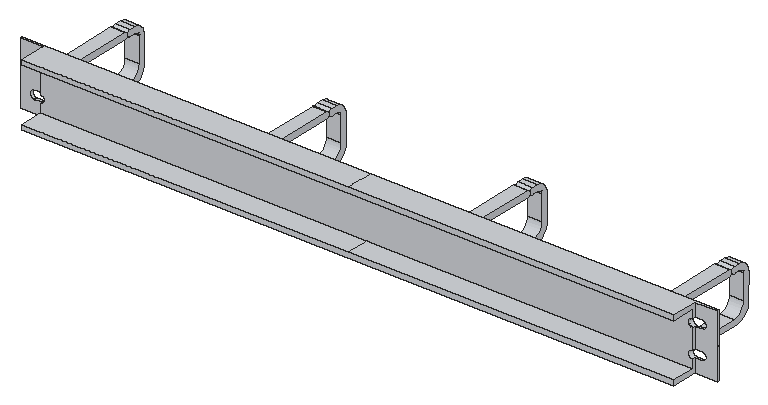
Revit family
Parameters
  Material ID = "760172882"
  Description = "1U PATCHCORD MANAGER - SILVER \r\n360 11 00GS3 24 Port Patch Panel\r\n360 1100GS3 24 PORT PATCH PANEL"
Reference planes (in)
  plane 1 "Center (Front/Back)": y = 0
  plane 2: z = 0
  plane 3 "Center (Left/Right)": x = 0
Forms (in)
  Extrusion 1, void, not visible
    sketch origin (0, 0, 0) x (1, 0, 0) y (0, 0, 1)
      loop
        line (-7.85662, 0.48089) -> (-7.85662, -0.39002) -> (-7.67285, -0.39002) -> (-7.67285, -0.64002) -> (-7.0736, -0.64002) -> (-7.0736, -0.39002) -> (-6.92978, -0.39002) -> (-6.92978, 0.48089) -> (-7.85662, 0.48089)
    from -3.79215 to 12
  Extrusion 2, void, not visible
    sketch origin (0, 0, 0) x (1, 0, 0) y (0, 0, 1)
      loop
        line (-8.21397, 0.42583) -> (-8.21397, -0.07417) -> (-8.08657, -0.07417) -> (-8.08657, -0.27417) -> (-7.83657, -0.27417) -> (-7.83657, -0.07417) -> (-7.72497, -0.07417) -> (-7.72497, 0.42583) -> (-8.21397, 0.42583)
    from 0.74059 to 3.34334
  Extrusion 3, void, not visible
    sketch origin (0, 0, 0) x (1, 0, 0) y (0, 0, 1)
      loop
        line (-8.19397, 0.28004) -> (-8.19397, -0.07417) -> (-8.06657, -0.07417) -> (-8.06657, -0.16337) -> (-7.91657, -0.16337) -> (-7.91657, -0.07417) -> (-7.80497, -0.07417) -> (-7.80497, 0.28004) -> (-8.19397, 0.28004)
    from 0.25637 to 5.60437
  Extrusion 4, solid
    sketch origin (0, 0, 0) x (1, 0, 0) y (0, 0, 1)
      loop
        line (0, 0.86) -> (-9.5, 0.86) -> (-9.5, 0) -> (-9.5, -0.86) -> (0, -0.86) -> (9.5, -0.86) -> (9.5, 0) -> (9.5, 0.86) -> (0, 0.86)
    from 0 to 0.76952
  Extrusion 5, void, not visible
    sketch origin (0, 0, 0) x (1, 0, 0) y (0, 0, 1)
      loop
        line (-7.88684, 0.73608) -> (-7.88684, 0.03608) -> (-7.22684, 0.03608) -> (-7.22684, 0.73608) -> (-7.88684, 0.73608)
    from -3.31396 to 12
  Extrusion 6, void, not visible
    sketch origin (0, 0, 0) x (1, 0, 0) y (0, 0, 1)
      loop
        line (-7.88684, 0.73608) -> (-7.88684, 0.03608) -> (-7.22684, 0.03608) -> (-7.22684, 0.73608) -> (-7.88684, 0.73608)
    from -3.31396 to 12
  Extrusion 7, void, not visible
    sketch origin (1.35, 0, 0) x (1, 0, 0) y (0, 0, 1)
      loop
        line (-7.88684, 0.73608) -> (-7.88684, 0.03608) -> (-7.22684, 0.03608) -> (-7.22684, 0.73608) -> (-7.88684, 0.73608)
    from -3.31396 to 12
  Extrusion 8, void, not visible
    sketch origin (2.7, 0, 0) x (1, 0, 0) y (0, 0, 1)
      loop
        line (-7.88684, 0.73608) -> (-7.88684, 0.03608) -> (-7.22684, 0.03608) -> (-7.22684, 0.73608) -> (-7.88684, 0.73608)
    from -3.31396 to 12
  Extrusion 9, void
    sketch origin (0, 0, 0) x (1, 0, 0) y (0, 0, 1)
      loop
        line (0, 0.7271) -> (-12.95684, 0.7271) -> (-12.95684, 0) -> (-12.95684, -0.7271) -> (0, -0.7271) -> (11.36289, -0.7271) -> (11.36289, 0) -> (11.36289, 0.7271) -> (0, 0.7271)
    from 0.13328 to 12
  Extrusion 10, void
    sketch origin (0, 0, 0) x (1, 0, 0) y (0, 0, 1)
      loop
        line (-9.09318, 0.27407) -> (-8.89155, 0.27407)
        arc (-8.89155, 0.27407) -> (-8.77818, 0.38744) -> (-8.89155, 0.5008) r 0.11337
        line (-8.89155, 0.5008) -> (-9.09318, 0.5008)
        arc (-9.09318, 0.5008) -> (-9.20655, 0.38744) -> (-9.09318, 0.27407) r 0.11337
    from 0 to 0.45451
  Extrusion 11, void
    sketch origin (0, 0, 0) x (1, 0, 0) y (0, 0, 1)
      loop
        arc (-9.09318, -0.27407) -> (-9.20655, -0.38744) -> (-9.09318, -0.5008) r 0.11337
        line (-9.09318, -0.5008) -> (-8.89155, -0.5008)
        arc (-8.89155, -0.5008) -> (-8.77818, -0.38744) -> (-8.89155, -0.27407) r 0.11337
        line (-8.89155, -0.27407) -> (-9.09318, -0.27407)
    from 0 to 0.45451
  Extrusion 12, void
    sketch origin (0, 0, 0) x (-1, 0, 0) y (0, 0, -1)
      loop
        arc (-9.09318, -0.27407) -> (-9.20655, -0.38744) -> (-9.09318, -0.5008) r 0.11337
        line (-9.09318, -0.5008) -> (-8.89155, -0.5008)
        arc (-8.89155, -0.5008) -> (-8.77818, -0.38744) -> (-8.89155, -0.27407) r 0.11337
        line (-8.89155, -0.27407) -> (-9.09318, -0.27407)
    from 0 to 0.45451
  Extrusion 13, void
    sketch origin (0, 0, 0) x (-1, 0, 0) y (0, 0, -1)
      loop
        line (-9.09318, 0.27407) -> (-8.89155, 0.27407)
        arc (-8.89155, 0.27407) -> (-8.77818, 0.38744) -> (-8.89155, 0.5008) r 0.11337
        line (-8.89155, 0.5008) -> (-9.09318, 0.5008)
        arc (-9.09318, 0.5008) -> (-9.20655, 0.38744) -> (-9.09318, 0.27407) r 0.11337
    from 0 to 0.45451
  Extrusion 14, void
    sketch origin (0, 0, 0) x (1, 0, 0) y (0, 1, 0)
      loop
        line (-9.5, -0.06) -> (-9.5, -1.62114) -> (-8.888, -1.62114) -> (-8.888, -0.06) -> (-9.5, -0.06)
      loop
        line (8.888, -0.06) -> (8.888, -1.62114) -> (9.5, -1.62114) -> (9.5, -0.06) -> (8.888, -0.06)
    from -1.74606 to 12
  Extrusion 15, solid
    sketch origin (0, 0, 0) x (0, 1, 0) y (0, 0, 1)
      loop
        line (0, 0.7271) -> (0, 0.56382) -> (1.68218, 0.56382)
        spline (1.68218, 0.56382) -> (1.69896, 0.56661) -> (1.71458, 0.57476) -> (1.72801, 0.58773) -> (1.7383, 0.60464) -> (1.74478, 0.62433) -> (1.74699, 0.64546) -> (1.74478, 0.66659) -> (1.7383, 0.68628) -> (1.72801, 0.70319) -> (1.71458, 0.71616) -> (1.69896, 0.72431) -> (1.68218, 0.7271)
        line (1.68218, 0.7271) -> (0, 0.7271)
      loop
        line (0, -0.7131) -> (1.92621, -0.7131)
        arc (1.92621, -0.7131) -> (2.2087, -0.59609) -> (2.32571, -0.3136) r 0.3995
        line (2.32571, -0.3136) -> (2.32571, 0.42174)
        arc (2.32571, 0.42174) -> (2.23627, 0.63766) -> (2.02035, 0.7271) r 0.30536
        line (2.02035, 0.7271) -> (1.87014, 0.7271)
        spline (1.87014, 0.7271) -> (1.84443, 0.72431) -> (1.82047, 0.71616) -> (1.7999, 0.70319) -> (1.78411, 0.68628) -> (1.77419, 0.66659) -> (1.7708, 0.64546) -> (1.77419, 0.62433) -> (1.78411, 0.60464) -> (1.7999, 0.58773) -> (1.82047, 0.57476) -> (1.84443, 0.56661) -> (1.87014, 0.56382)
        line (1.87014, 0.56382) -> (2.05285, 0.56382)
        arc (2.05285, 0.56382) -> (2.13871, 0.52826) -> (2.17427, 0.4424) r 0.12142
        line (2.17427, 0.4424) -> (2.17427, -0.24088)
        arc (2.17427, -0.24088) -> (2.07905, -0.47076) -> (1.84916, -0.56598) r 0.32511
        line (1.84916, -0.56598) -> (0, -0.56598) -> (0, -0.7131)
    from -2.54135 to -8.42979
  Extrusion 16, void
    sketch origin (0, 0, 0) x (1, 0, 0) y (0, 0, 1)
      loop
        line (-8.04135, 1.18424) -> (-8.04135, -1.42582) -> (-2.93266, -1.42582) -> (-2.93266, 1.18424) -> (-8.04135, 1.18424)
    from 0 to -6.43075
  Extrusion 17, solid
    sketch origin (0, 0, 0) x (0, 1, 0) y (0, 0, -1)
      loop
        line (0, -0.7271) -> (1.68218, -0.7271)
        spline (1.68218, -0.7271) -> (1.69896, -0.72431) -> (1.71458, -0.71616) -> (1.72801, -0.70319) -> (1.7383, -0.68628) -> (1.74478, -0.66659) -> (1.74699, -0.64546) -> (1.74478, -0.62433) -> (1.7383, -0.60464) -> (1.72801, -0.58773) -> (1.71458, -0.57476) -> (1.69896, -0.56661) -> (1.68218, -0.56382)
        line (1.68218, -0.56382) -> (0, -0.56382) -> (0, -0.7271)
      loop
        line (0, 0.7131) -> (0, 0.56598) -> (1.84916, 0.56598)
        arc (1.84916, 0.56598) -> (2.07905, 0.47076) -> (2.17427, 0.24088) r 0.32511
        line (2.17427, 0.24088) -> (2.17427, -0.4424)
        arc (2.17427, -0.4424) -> (2.13871, -0.52826) -> (2.05285, -0.56382) r 0.12142
        line (2.05285, -0.56382) -> (1.87014, -0.56382)
        spline (1.87014, -0.56382) -> (1.84443, -0.56661) -> (1.82047, -0.57476) -> (1.7999, -0.58773) -> (1.78411, -0.60464) -> (1.77419, -0.62433) -> (1.7708, -0.64546) -> (1.77419, -0.66659) -> (1.78411, -0.68628) -> (1.7999, -0.70319) -> (1.82047, -0.71616) -> (1.84443, -0.72431) -> (1.87014, -0.7271)
        line (1.87014, -0.7271) -> (2.02035, -0.7271)
        arc (2.02035, -0.7271) -> (2.23627, -0.63766) -> (2.32571, -0.42174) r 0.30536
        line (2.32571, -0.42174) -> (2.32571, 0.3136)
        arc (2.32571, 0.3136) -> (2.2087, 0.59609) -> (1.92621, 0.7131) r 0.3995
        line (1.92621, 0.7131) -> (0, 0.7131)
    from -2.54135 to -8.42979
  Extrusion 18, void
    sketch origin (0, 0, 0) x (-1, 0, 0) y (0, 0, -1)
      loop
        line (-8.04135, -1.18424) -> (-2.93266, -1.18424) -> (-2.93266, 1.42582) -> (-8.04135, 1.42582) -> (-8.04135, -1.18424)
    from 0 to -6.43075
Cuts and joins
  Extrusion 9, Extrusion 10, Extrusion 11, Extrusion 12, Extrusion 13, Extrusion 14, Extrusion 16, Extrusion 18 cuts Extrusion 4
  Extrusion 16, Extrusion 18 cuts Extrusion 15
  Extrusion 18 cuts Extrusion 17
Dimensions and locks (in)
  aligned: level to Extrusion 4 sketch curve
  aligned and locked: plane 3 "Center (Left/Right)" to Extrusion 4 sketch curve
  aligned: plane 3 "Center (Left/Right)" to Extrusion 9 sketch curve
